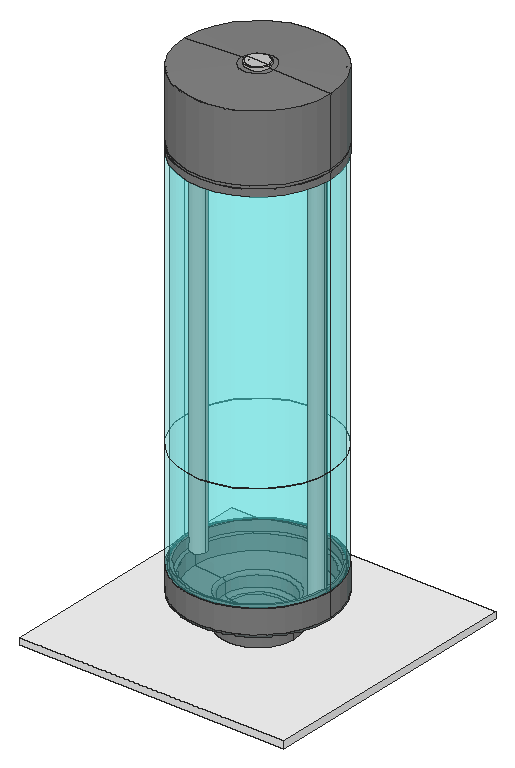
Revit family "BE_84102_de_DE", category Leuchten, Revit 2020
Family settings
  Basisbauteil = Fläche
  Bemaßung runder Anschluss = Durchmesser verwenden
  Teiletyp = Normal
  Beim Laden mit Abzugskörper schneiden = Ja
  Lichtquelle = Ja
  Gemeinsam genutzt = Nein
  Raumberechnungspunkt = Ja
Parameters (values of type "BEGA_84102_Grafit_K3")
  built-in parameter 1150104 = 17.679 (stored number, unit not read)
  Wattage = 46.8 W
  Default Elevation = 0 mm
  built-in parameter 1150113 = 1 (stored number, unit not read)
  built-in parameter 1114218 = 1 (stored number, unit not read)
  Umgebungstemperatur = "25 °C"
  URL = "https://www.bega.com/de/produkt/84102"
  Typenkommentare = "© 2022 BEGA. Wir behalten uns das Recht vor, technische Änderungen ohne vorherige Ankündigung vorzunehmen."  # constant formula
  Type Image = 84102.png
  built-in parameter 1150134 = (empty or 0)
  built-in parameter 1150109 = 1 (stored number, unit not read)
  Strom = ""
  built-in parameter 1150110 = 1 (stored number, unit not read)
  Spannung = 239.996 V
  Sonderanfertigung = no
  Seriennummer [instance] = "Hier können Sie die eindeutige Seriennummer für das Facility Management eintragen."
  Schutzklasse = "I"
  Schutzart = "IP 65"
  Scheinlast = 0 VA
  Produktdatenblatt = "https://cdn.bega.com/bega/products/84102K3/current/documents/data-sheets/de"
  Oberflächentemperatur = ""
  Neigungswinkel = 0.00°
  Modell = "84102K3"
  Material_17 = BEGA_Reflektor
  Material_15 = BEGA_Leuchtmedium_matt
  Material_12 = BEGA_Kunststoff_klar
  Material_11 = BEGA_Glas_opal
  Material_09 = BEGA_Glas_klar
  Material_06 = BEGA_Oberfläche_Edelstahl_gebürstet
  Material_03 = BEGA_Oberfläche_Weiss_matt
  Material_02 = BEGA_Oberfläche_Silber_matt
  Material_01 [instance] = BEGA_Oberfläche_Grafit_matt
  M_W = no
  M_G = yes
  M_A = no
  Logo = 0
  built-in parameter 1114217 = 1 (stored number, unit not read)
  built-in parameter 1150139 = (empty or 0)
  built-in parameter 1150105 = 708.72 (stored number, unit not read)
  built-in parameter 1150114 = 1 (stored number, unit not read)
  Lumens = 8906.04 lm
  built-in parameter 1150115 = 1 (stored number, unit not read)
  Leuchtenlichtstrom = "6217 lm"
  Leuchtenanzahl = ""
  Lebensdauerkriterien = "L70B50 @ 25 °C = 200000 h"
  Lastklassifizierung = Beleuchtung
  built-in parameter 1150112 = 1 (stored number, unit not read)
  Lampenlichtstrom = "8905 lm"
  Lampe = "LED 46.8 W"
  LED_Modulbezeichnung = "LED-0502/830"
  built-in parameter 1150142 = (empty or 0)
  Hersteller = "BEGA"  # constant formula
  Halbstreuwinkel = ""
  Gewicht = "9.9 kg"
  Gebrauchslageneinschränkung [instance] = ""
  Frequenz = "0/50-60 Hz"
  Farbwiedergabeindex = "CRI > 80"
  Farbtemperaturverschiebung bei Dämpfen der Lampe = <Keine Auswahl>
  Farbtemperatur = "3000 K"
  Color Filter = 16777215
  built-in parameter 1150133 = 10 (stored number, unit not read)
  Energieeffizienzklasse = "LED A++ - A"
  built-in parameter 1150137 = (empty or 0)
  built-in parameter 1150132 = (empty or 0)
  ENEC = "ja"
  Dimmbar [instance] = "DALI"
  Datei für fotometrisches Netz = "BE_84102K3.IES"
  CE_Konformität = "ja"
  Bestellnummer = "84102K3"
  Beschreibung_Sonderanfertigung = "Hier können Sie Informationen zur Sonderanfertigung eintragen."
  Beschreibung = "Aufsatzleuchte"
  built-in parameter 1150106 = 7.0872 (stored number, unit not read)
  Befestigungsbohrung = ""
  Befestigungsabstand = ""
  Ballwurfsicher = ""
  BEGA_Intern_aus = yes
  BEGA_Intern_an = yes
  BEGA_Intern_Konstruktion = yes
  BEGA_Intern = yes
  BEGA_IES = yes
  BEGA_Dummy = no
  Anschlussleitung = "7.0 m X05BQ-F 5 G 1 mm²"
  Anschlussleistung [instance] = "52 W"
  built-in parameter 1150107 = 3000 (stored number, unit not read)
  built-in parameter 1150102 = (empty or 0)
  built-in parameter 1150138 = (empty or 0)
  Aktualisierung = "2022-05-19T04:00:07"
  Abstand_zur_angestrahlten_Fläche [instance] = ""
  AC/DC = "AC/DC"
Types (4, lengths in mm): name | built-in parameter 1150104 | built-in parameter 1150134 | Modell | M_G | M_A | built-in parameter 1150105 | Lumens | Leuchtenlichtstrom | Lampenlichtstrom | LED_Modulbezeichnung | Farbtemperatur | Datei für fotometrisches Netz | Bestellnummer | built-in parameter 1150106 | built-in parameter 1150107
  BEGA_84102_Grafit_K3 | 17.679 (stored number, unit not read) | (empty or 0) | "84102K3" | yes | no | 708.72 (stored number, unit not read) | 8906.04 lm | "6217 lm" | "8905 lm" | "LED-0502/830" | "3000 K" | "BE_84102K3.IES" | "84102K3" | 7.0872 (stored number, unit not read) | 3000 (stored number, unit not read)
  BEGA_84102_Grafit_K4 | 18.181 (stored number, unit not read) | 12 | "84102K4" | yes | no | 728.83 (stored number, unit not read) | 9158.76 lm | "6396 lm" | "9160 lm" | "LED-0502/840" | "4000 K" | "BE_84102K4.IES" | "84102K4" | 7.2883 (stored number, unit not read) | 4000 (stored number, unit not read)
  BEGA_84102_Silber_K4 | 18.181 (stored number, unit not read) | 12 | "84102AK4" | no | yes | 728.83 (stored number, unit not read) | 9158.76 lm | "6396 lm" | "9160 lm" | "LED-0502/840" | "4000 K" | "BE_84102K4.IES" | "84102AK4" | 7.2883 (stored number, unit not read) | 4000 (stored number, unit not read)
  BEGA_84102_Silber_K3 | 17.679 (stored number, unit not read) | (empty or 0) | "84102AK3" | no | yes | 708.72 (stored number, unit not read) | 8906.04 lm | "6217 lm" | "8905 lm" | "LED-0502/830" | "3000 K" | "BE_84102K3.IES" | "84102AK3" | 7.0872 (stored number, unit not read) | 3000 (stored number, unit not read)
Reference planes
  plane 1 "Mitte (Vorne/Hinten)": y = 0
  plane 2: z = 0
  plane 3 "Mitte (Links/Rechts)": x = 0
  plane 4 "Links": x = -110
  plane 5 "Rechts": x = 110
  plane 6 "Unten": y = -110
  plane 7 "Oben": y = 110
  plane 8 "Vorne": z = 766
  plane 9 "Hinten": z = -110
Forms (mm)
  Extrusion 1, solid, material "BEGA_Platte_Weiss"
    sketch origin (0, -1119.2, 0) x (1, 0, 0) y (0, 1, 0)
      loop
        line (-200, 1319.2) -> (-200, 919.2) -> (200, 919.2) -> (200, 1319.2) -> (-200, 1319.2)
    from 0 to -10
  Extrusion 2, solid, material "BEGA_Dummy_matt", visible <- "BEGA_Dummy"
    sketch origin (77.149, -76.023, 0) x (1, 0, 0) y (0, 1, 0)
      loop
        circle (-77.149, 76.023) r 110
    from -110 to 766
Dimensions and locks
  plane 1 "Mitte (Vorne/Hinten)" to Extrusion 1 = 200 mm
  aligned and locked: plane 2 to Extrusion 1
  aligned and locked: level to Extrusion 1
Nested families
  nested 1: "BE_84102" at (0, 0, 0), type "BE_84102"
Connectors
  electrical at (0, 0, 0), driven by "Lastklassifizierung", driven by "Spannung", driven by "Scheinlast"
    settings: index 1, voltage 239.996 V, apparent load 0 VA, apparent load phase1 0 VA, apparent load phase2 0 VA, apparent load phase3 0 VA, power factor 1, load classification "Beleuchtung", number of poles 1, system type 31, power factor state 1, is connector primary yes, connector utility no, sub classification motor no, connector description ""
Definition of nested family "BE_84102"
  Parameters (values of type "BE_84102")
    Default Elevation = 1 mm
    URL = "http://www.bega.de/de/produkt"
    Type Comments = "© 2015 BEGA. Wir behalten uns das Recht vor, technische Änderungen ohne vorherige Ankündigung vorzunehmen. "  # constant formula
    Type Image = (empty or 0)
    Neigungswinkel_um_Z2 = 0.00°
    Neigungswinkel_um_Z1 = 0.00°
    Neigungswinkel_um_Y2 = 0.00°
    Neigungswinkel_um_Y1 = 0.00°
    Neigungswinkel_um_X2 = 0.00°
    Neigungswinkel_um_X1 = 0.00°
    Material_17 = none
    Material_15 = none
    Material_12 = none
    Material_11 = none
    Material_09 = none
    Material_06 = none
    Material_02 = none
    Material_01 = none
    M_W = yes
    M_G = yes
    M_A = yes
    Länge_Platte = 200 mm  # constant formula
    Höhe_Platte = -10 mm  # constant formula
    Manufacturer = "BEGA"  # constant formula
    Drehwinkel_um_Z2 = 0.00°
    Drehwinkel_um_Z1 = 0.00°
    Breite_Platte = 200 mm  # constant formula
  Reference planes
    plane 1 "Mitte (Oben/Unten)": y = 0
    plane 2: z = 0
    plane 3 "Mitte (Links/Rechts)": x = 0
    plane 4 "Vorne": z = 200
    plane 5 "Rechts": x = 110
    plane 6 "Oben": y = 110
    plane 7 "Unten": y = -110
    plane 8: z = 766
    plane 9: z = -110
    plane 10: x = -110
  Forms (mm)
    Extrusion 1, solid, detail levels medium
      sketch origin (0, 0, 0) x (1, 0, 0) y (0, 1, 0)
        loop
          line (-100, 100) -> (-100, -100) -> (100, -100) -> (100, 100) -> (-100, 100)
      from 0 to -10 <- "Höhe_Platte"
    Revolve 2, solid, material <- "Material_01", visible <- "M_G"
      sketch origin (0, 0, 0) x (1, 0, 0) y (0, 0, 1)
        loop
          line (-55, -110) -> (-40.094, -110) -> (-38.75, 0) -> (-33, 0) -> (-32.511, 14) -> (-12.105, 14) -> (-12, 11) -> (0, 11) -> (0, 19) -> (-40.719, 19) -> (-44.656, 19)
          arc (-44.656, 19) -> (-48.107, 20.382) -> (-49.651, 23.763) r 5
          line (-49.651, 23.763) -> (-49.921, 39.268)
          arc (-49.921, 39.268) -> (-51.264, 42.591) -> (-54.485, 44.162) r 5
          line (-54.485, 44.162) -> (-95.122, 47.717) -> (-95.4, 70.5) -> (-101.5, 70.5) -> (-101.753, 85) -> (-104.5, 85) -> (-104.5, 76.5) -> (-108.25, 76.5) -> (-108.25, 83) -> (-110, 83) -> (-110, 47.657)
          arc (-110, 47.657) -> (-108.946, 44.96) -> (-106.349, 43.681) r 4
          line (-106.349, 43.681) -> (-58.651, 39.508)
          arc (-58.651, 39.508) -> (-56.054, 38.228) -> (-55, 35.531) r 4
          line (-55, 35.531) -> (-55, -110)
        axis (0, -110) -> (0, 85)
      angle from 0 to 360
    Revolve 3, solid, material <- "Material_12"
      sketch origin (0, 0, 0) x (1, 0, 0) y (0, 0, 1)
        loop
          line (-110, 245.248) -> (-110, 83) -> (-107.5, 83) -> (-107.5, 78.549) -> (-105, 78.549) -> (-105, 648.755) -> (-107.5, 648.755) -> (-107.5, 642.636) -> (-110, 642.636) -> (-110, 245.248)
        axis (0, 648.755) -> (0, 78.549)
      angle from 0 to 360
    Revolve 4, solid, material <- "Material_01", visible <- "M_G"
      sketch origin (0, 0, 144.898) x (1, 0, 0) y (0, 0, 1)
        loop
          line (-109, 507.739) -> (-110, 507.739) -> (-110, 497.739) -> (-108.25, 497.739) -> (-108.25, 504.239) -> (-104.45, 504.239) -> (-104.45, 495.239) -> (-99.017, 495.239) -> (-97.568, 536.739) -> (-16.755, 536.739) -> (-10.319, 573.239) -> (0, 573.239) -> (0, 586.739) -> (-12, 586.739) -> (-19.758, 542.739) -> (-98.284, 542.739) -> (-100.64, 542.739)
          arc (-100.64, 542.739) -> (-102.686, 541.933) -> (-103.632, 539.948) r 3
          line (-103.632, 539.948) -> (-104.5, 527.54) -> (-104.5, 512.739) -> (-109, 512.739) -> (-109, 507.739)
        axis (0, 495.239) -> (0, 586.739)
      angle from 0 to 360
    Revolve 5, solid, material <- "Material_01", visible <- "M_G"
      sketch origin (0, 0, 144.898) x (1, 0, 0) y (0, 0, 1)
        loop
          line (-110, 613.434) -> (-110, 512.739) -> (-108.6, 512.739) -> (-105, 516.339) -> (-105, 609.606) -> (-24.93, 612.402) -> (-13.002, 612.402)
          arc (-13.002, 612.402) -> (-9.467, 613.867) -> (-8.002, 617.402) r 5
          line (-8.002, 617.402) -> (-8, 618.402) -> (-10, 618.402) -> (-10, 616.402) -> (-25, 616.402) -> (-110, 613.434)
        axis (0, 512.739) -> (0, 618.402)
      angle from 0 to 360
    Revolve 6, solid, material <- "Material_06"
      sketch origin (0, 0, 144.898) x (1, 0, 0) y (0, 0, 1)
        loop
          line (0, 621.102) -> (-16.5, 621.102) -> (-17.5, 620.102) -> (-17.5, 616.602) -> (-11, 616.602) -> (-11, 619.302) -> (-7.5, 619.302) -> (-7.5, 592.902) -> (0, 592.902) -> (0, 621.102)
        axis (0, 621.102) -> (0, 592.902)
      angle from 0 to 360
    Revolve 7, solid, material <- "Material_17"
      sketch origin (0, 0, 0) x (1, 0, 0) y (0, 0, 1)
        loop
          line (-80.782, 672.637) -> (-81, 677.636) -> (-81.999, 677.593) -> (-81.78, 672.572)
          arc (-81.78, 672.572) -> (-78.254, 657.27) -> (-70.619, 643.549) r 56
          arc (-70.619, 643.549) -> (-70.439, 641.645) -> (-72.063, 640.636) r 1.816
          line (-72.063, 640.636) -> (-83, 640.636) -> (-83, 639.636) -> (-72.062, 639.636)
          arc (-72.062, 639.636) -> (-69.543, 641.201) -> (-69.822, 644.153) r 2.816
          arc (-69.822, 644.153) -> (-77.317, 657.619) -> (-80.782, 672.637) r 55
        axis (0, 639.636) -> (0, 677.636)
      angle from 0 to 360
    Revolve 8, solid, material <- "Material_15"
      sketch origin (0, 0, 0) x (1, 0, 0) y (0, 0, 1)
        loop
          line (-72.75, 679.836) -> (-72.75, 679.043) -> (-67.318, 679.043) -> (-67.318, 679.836) -> (-72.75, 679.836)
        axis (0, 679.043) -> (0, 680.043)
      angle from -12 to 204
    Extrusion 9, solid, material <- "Material_06"
      sketch origin (0, 0, 0) x (1, 0, 0) y (0, 1, 0)
        loop
          circle (-90, 0) r 11.038
        loop
          circle (90, 0) r 11.038
      from 70.5 to 639.636
    Revolve 10, solid, material <- "Material_02", visible <- "M_A"
      sketch origin (0, 0, 0) x (1, 0, 0) y (0, 0, 1)
        loop
          line (-55, -110) -> (-40.094, -110) -> (-38.75, 0) -> (-33, 0) -> (-32.511, 14) -> (-12.105, 14) -> (-12, 11) -> (0, 11) -> (0, 19) -> (-40.719, 19) -> (-44.656, 19)
          arc (-44.656, 19) -> (-48.107, 20.382) -> (-49.651, 23.763) r 5
          line (-49.651, 23.763) -> (-49.921, 39.268)
          arc (-49.921, 39.268) -> (-51.264, 42.591) -> (-54.485, 44.162) r 5
          line (-54.485, 44.162) -> (-95.122, 47.717) -> (-95.4, 70.5) -> (-101.5, 70.5) -> (-101.753, 85) -> (-104.5, 85) -> (-104.5, 76.5) -> (-108.25, 76.5) -> (-108.25, 83) -> (-110, 83) -> (-110, 47.657)
          arc (-110, 47.657) -> (-108.946, 44.96) -> (-106.349, 43.681) r 4
          line (-106.349, 43.681) -> (-58.651, 39.508)
          arc (-58.651, 39.508) -> (-56.054, 38.228) -> (-55, 35.531) r 4
          line (-55, 35.531) -> (-55, -110)
        axis (0, -110) -> (0, 85)
      angle from 0 to 360
    Revolve 11, solid, material <- "Material_02", visible <- "M_A"
      sketch origin (0, 0, 144.898) x (1, 0, 0) y (0, 0, 1)
        loop
          line (-109, 507.739) -> (-110, 507.739) -> (-110, 497.739) -> (-108.25, 497.739) -> (-108.25, 504.239) -> (-104.45, 504.239) -> (-104.45, 495.239) -> (-99.017, 495.239) -> (-97.568, 536.739) -> (-16.755, 536.739) -> (-10.319, 573.239) -> (0, 573.239) -> (0, 586.739) -> (-12, 586.739) -> (-19.758, 542.739) -> (-98.284, 542.739) -> (-100.64, 542.739)
          arc (-100.64, 542.739) -> (-102.686, 541.933) -> (-103.632, 539.948) r 3
          line (-103.632, 539.948) -> (-104.5, 527.54) -> (-104.5, 512.739) -> (-109, 512.739) -> (-109, 507.739)
        axis (0, 495.239) -> (0, 586.739)
      angle from 0 to 360
    Revolve 12, solid, material <- "Material_02", visible <- "M_A"
      sketch origin (0, 0, 144.898) x (1, 0, 0) y (0, 0, 1)
        loop
          line (-110, 613.434) -> (-110, 512.739) -> (-108.6, 512.739) -> (-105, 516.339) -> (-105, 609.606) -> (-24.93, 612.402) -> (-13.002, 612.402)
          arc (-13.002, 612.402) -> (-9.467, 613.867) -> (-8.002, 617.402) r 5
          line (-8.002, 617.402) -> (-8, 618.402) -> (-10, 618.402) -> (-10, 616.402) -> (-25, 616.402) -> (-110, 613.434)
        axis (0, 512.739) -> (0, 618.402)
      angle from 0 to 360
    Extrusion 13, void
      sketch origin (-0.012, 0.024, 0) x (1, 0.00048, 0) y (0, 0, 1)
        loop
          circle (0, -30) r 4.2
        loop
          circle (0, -90) r 4.2
      from 29.895 to 64.479
    Extrusion 14, void
      sketch origin (0.014, -0.015, 0) x (-0.499584, -0.866266, 0) y (0, 0, 1)
        loop
          circle (0, -30) r 4.2
        loop
          circle (0, -90) r 4.2
      from 29.895 to 64.479
    Extrusion 15, void
      sketch origin (-0.038, -0.015, 0) x (-0.500416, 0.865785, 0) y (0, 0, 1)
        loop
          circle (0, -30) r 4.2
        loop
          circle (0, -90) r 4.2
      from 29.895 to 64.479
  Cuts and joins
    Extrusion 13, Extrusion 14, Extrusion 15 cuts Revolve 2
    Extrusion 13, Extrusion 14, Extrusion 15 cuts Revolve 10
  Dimensions and locks
    equal spacing: Extrusion 1 sketch curve, plane 3 "Mitte (Links/Rechts)", Extrusion 1 sketch curve
    equal spacing: Extrusion 1 sketch curve, plane 1 "Mitte (Oben/Unten)", Extrusion 1 sketch curve
    "Länge_Platte": Extrusion 1 sketch curve to Extrusion 1 sketch curve
    "Breite_Platte": Extrusion 1 sketch curve to Extrusion 1 sketch curve
    aligned and locked: plane 2 to Extrusion 1
    aligned and locked: level to Extrusion 1
  Automatic sketch dimensions
    Revolve 2 sketch curve to level = 0 mm
    Revolve 2 sketch curve to plane 3 "Mitte (Links/Rechts)" = 0 mm  (x2)
    Revolve 2 sketch curve to plane 3 "Mitte (Links/Rechts)" = 12 mm
    Revolve 2 sketch curve to Revolve 2 sketch curve = 0.105 mm
    Revolve 2 sketch curve to Revolve 2 sketch curve = 20.406 mm
    Revolve 2 sketch curve to Revolve 2 sketch curve = 0.489 mm
    Revolve 2 sketch curve to Revolve 2 sketch curve = 5.75 mm
    Revolve 2 sketch curve to plane 3 "Mitte (Links/Rechts)" = 40.094 mm
    Revolve 2 sketch curve to Revolve 2 sketch curve = 12.145 mm
    level to Revolve 2 sketch curve = 23.763 mm
    Revolve 2 sketch curve to Revolve 2 sketch curve = 4.994 mm
    Revolve 2 sketch curve to Revolve 2 sketch curve = 5.27 mm
    Revolve 2 sketch curve to Revolve 2 sketch curve = 0.079 mm
    Revolve 2 sketch curve to Revolve 2 sketch curve = 4 mm  (x2)
    Revolve 2 sketch curve to Revolve 2 sketch curve = 36.122 mm
    Revolve 2 sketch curve to Revolve 2 sketch curve = 0.278 mm
    Revolve 2 sketch curve to Revolve 2 sketch curve = 6.1 mm
    Revolve 2 sketch curve to Revolve 2 sketch curve = 0.253 mm
    Revolve 2 sketch curve to Revolve 2 sketch curve = 3 mm  (x2)
    Revolve 2 sketch curve to Revolve 2 sketch curve = 10.878 mm
    Revolve 2 sketch curve to Revolve 2 sketch curve = 3.75 mm
    level to Revolve 2 sketch curve = 11 mm
    Revolve 2 sketch curve to Revolve 2 sketch curve = 4.763 mm
    Revolve 2 sketch curve to Revolve 2 sketch curve = 8 mm
    Revolve 2 sketch curve to Revolve 2 sketch curve = 11.76 mm
    Revolve 2 sketch curve to Revolve 2 sketch curve = 0.008 mm  (x2)
    Revolve 2 sketch curve to Revolve 2 sketch curve = 3.65 mm
    level to Revolve 2 sketch curve = 47.657 mm
    Revolve 2 sketch curve to Revolve 2 sketch curve = 0.052 mm
    Revolve 2 sketch curve to Revolve 2 sketch curve = 22.783 mm
    Revolve 2 sketch curve to Revolve 2 sketch curve = 6 mm
    Revolve 2 sketch curve to Revolve 2 sketch curve = 6.5 mm
    Revolve 2 sketch curve to Revolve 2 sketch curve = 2 mm
    Revolve 2 sketch curve to Revolve 2 sketch curve = 3.937 mm
    Revolve 2 sketch curve to Revolve 2 sketch curve = 0 mm  (x8)
    Revolve 2 sketch curve to Revolve 2 sketch curve = 4.999 mm
    Revolve 2 sketch curve to Revolve 2 sketch curve = 0.436 mm
    Revolve 2 sketch curve to Revolve 2 sketch curve = 3.731 mm
    Revolve 2 sketch curve to Revolve 2 sketch curve = 0.349 mm
    level to Revolve 2 sketch curve = 43.681 mm
    Revolve 2 sketch curve to Revolve 2 sketch curve = 0.087 mm
    Revolve 2 sketch curve to Revolve 2 sketch curve = 50 mm
    Revolve 2 sketch curve to Revolve 2 sketch curve = 7.5 mm
    Revolve 3 sketch curve to plane 3 "Mitte (Links/Rechts)" = 0 mm
    Revolve 3 sketch curve to Revolve 3 sketch curve = 2.5 mm  (x2)
    level to Revolve 3 sketch curve = 78.549 mm
    Revolve 3 sketch curve to Revolve 3 sketch curve = 4.451 mm
    plane 4 "Vorne" to Revolve 3 sketch curve = 45.248 mm
    Revolve 3 sketch curve to Revolve 3 sketch curve = 397.388 mm
    Revolve 3 sketch curve to Revolve 3 sketch curve = 6.119 mm
    Revolve 3 sketch curve to Revolve 3 sketch curve = 214.414 mm
    Revolve 3 sketch curve to Revolve 3 sketch curve = 35 mm
    Revolve 4 sketch curve to plane 3 "Mitte (Links/Rechts)" = 0 mm  (x2)
    Revolve 4 sketch curve to Revolve 4 sketch curve = 10.319 mm
    Revolve 4 sketch curve to Revolve 4 sketch curve = 12 mm
    Revolve 4 sketch curve to plane 3 "Mitte (Links/Rechts)" = 16.755 mm
    Revolve 4 sketch curve to Revolve 4 sketch curve = 3.004 mm
    Revolve 4 sketch curve to Revolve 4 sketch curve = 77.81 mm
    Revolve 4 sketch curve to Revolve 4 sketch curve = 0.716 mm
    Revolve 4 sketch curve to Revolve 4 sketch curve = 1.449 mm
    Revolve 4 sketch curve to Revolve 4 sketch curve = 2.355 mm  (x2)
    Revolve 4 sketch curve to Revolve 4 sketch curve = 2.993 mm
    Revolve 4 sketch curve to Revolve 4 sketch curve = 5.433 mm
    Revolve 4 sketch curve to Revolve 4 sketch curve = 6.932 mm
    Revolve 4 sketch curve to Revolve 4 sketch curve = 3.8 mm
    Revolve 4 sketch curve to Revolve 4 sketch curve = 4.5 mm
    Revolve 4 sketch curve to Revolve 4 sketch curve = 1.75 mm
    plane 4 "Vorne" to Revolve 4 sketch curve = 440.136 mm
    Revolve 4 sketch curve to Revolve 4 sketch curve = 2.5 mm
    Revolve 4 sketch curve to Revolve 4 sketch curve = 6.5 mm
    Revolve 4 sketch curve to Revolve 4 sketch curve = 3.5 mm
    Revolve 4 sketch curve to Revolve 4 sketch curve = 5 mm
    Revolve 4 sketch curve to Revolve 4 sketch curve = 14.801 mm
    Revolve 4 sketch curve to Revolve 4 sketch curve = 9.199 mm
    Revolve 4 sketch curve to Revolve 4 sketch curve = 3 mm
    Revolve 4 sketch curve to Revolve 4 sketch curve = 0.209 mm
    Revolve 4 sketch curve to Revolve 4 sketch curve = 0 mm  (x2)
    Revolve 4 sketch curve to Revolve 4 sketch curve = 30.5 mm
    Revolve 4 sketch curve to Revolve 4 sketch curve = 13.5 mm
    Revolve 4 sketch curve to Revolve 4 sketch curve = 20.5 mm
    Revolve 4 sketch curve to Revolve 4 sketch curve = 10 mm
    Revolve 5 sketch curve to plane 3 "Mitte (Links/Rechts)" = 0 mm
    Revolve 5 sketch curve to plane 3 "Mitte (Links/Rechts)" = 8 mm
    Revolve 5 sketch curve to Revolve 5 sketch curve = 2 mm  (x2)
    Revolve 5 sketch curve to Revolve 5 sketch curve = 3.002 mm
    Revolve 5 sketch curve to Revolve 5 sketch curve = 11.928 mm
    Revolve 5 sketch curve to Revolve 5 sketch curve = 0.07 mm
    Revolve 5 sketch curve to Revolve 5 sketch curve = 3.6 mm  (x2)
    Revolve 5 sketch curve to Revolve 5 sketch curve = 5 mm  (x2)
    plane 4 "Vorne" to Revolve 5 sketch curve = 457.636 mm
    Revolve 5 sketch curve to Revolve 5 sketch curve = 93.267 mm
    Revolve 5 sketch curve to Revolve 5 sketch curve = 2.796 mm
    Revolve 5 sketch curve to Revolve 5 sketch curve = 3.828 mm
    Revolve 5 sketch curve to Revolve 5 sketch curve = 4 mm
    Revolve 5 sketch curve to Revolve 5 sketch curve = 1 mm  (x2)
    Revolve 5 sketch curve to Revolve 5 sketch curve = 8.6 mm
    Revolve 5 sketch curve to Revolve 5 sketch curve = 0 mm
    Revolve 6 sketch curve to Revolve 6 sketch curve = 1 mm  (x2)
    plane 4 "Vorne" to Revolve 6 sketch curve = 565 mm
    Revolve 6 sketch curve to Revolve 6 sketch curve = 6.5 mm
    Revolve 6 sketch curve to Revolve 6 sketch curve = 3.5 mm
    Revolve 6 sketch curve to Revolve 6 sketch curve = 2.7 mm
    Revolve 6 sketch curve to Revolve 6 sketch curve = 23.7 mm
    Revolve 6 sketch curve to plane 3 "Mitte (Links/Rechts)" = 0 mm
    Revolve 6 sketch curve to Revolve 6 sketch curve = 1.8 mm
    Revolve 6 sketch curve to Revolve 6 sketch curve = 7.5 mm
    Revolve 7 sketch curve to Revolve 7 sketch curve = 0 mm  (x6)
    Revolve 7 sketch curve to plane 3 "Mitte (Links/Rechts)" = 0 mm
    Revolve 7 sketch curve to plane 3 "Mitte (Links/Rechts)" = 25.986 mm
    Revolve 7 sketch curve to Revolve 7 sketch curve = 46.077 mm
    Revolve 7 sketch curve to Revolve 7 sketch curve = 0.001 mm
    Revolve 7 sketch curve to Revolve 7 sketch curve = 0.003 mm
    Revolve 7 sketch curve to Revolve 7 sketch curve = 8.716 mm
    Revolve 7 sketch curve to Revolve 7 sketch curve = 0.218 mm
    Revolve 7 sketch curve to Revolve 7 sketch curve = 0.998 mm
    Revolve 7 sketch curve to Revolve 7 sketch curve = 0.999 mm
    Revolve 7 sketch curve to Revolve 7 sketch curve = 10.937 mm
    Revolve 7 sketch curve to plane 8 = 126.364 mm
    Revolve 7 sketch curve to Revolve 7 sketch curve = 1 mm
    Revolve 7 sketch curve to Revolve 7 sketch curve = 1.816 mm
    Revolve 7 sketch curve to Revolve 7 sketch curve = 30.12 mm
    Revolve 7 sketch curve to Revolve 7 sketch curve = 0.065 mm
    Revolve 7 sketch curve to Revolve 7 sketch curve = 4.734 mm
    Revolve 7 sketch curve to Revolve 7 sketch curve = 5.021 mm
    Revolve 7 sketch curve to Revolve 7 sketch curve = 0.044 mm
    Revolve 7 sketch curve to Revolve 7 sketch curve = 2.244 mm
    Revolve 7 sketch curve to Revolve 7 sketch curve = 0.797 mm
    Revolve 7 sketch curve to Revolve 7 sketch curve = 19.442 mm
    Revolve 7 sketch curve to Revolve 7 sketch curve = 10 mm
    Revolve 8 sketch curve to plane 3 "Mitte (Links/Rechts)" = 0 mm
    Revolve 8 sketch curve to plane 3 "Mitte (Links/Rechts)" = 67.318 mm
    Revolve 8 sketch curve to Revolve 8 sketch curve = 5.432 mm
    Revolve 8 sketch curve to plane 8 = 86.957 mm
    Revolve 8 sketch curve to Revolve 8 sketch curve = 0.793 mm
    Revolve 8 sketch curve to Revolve 8 sketch curve = 13.046 mm
    Revolve 8 sketch curve to Revolve 8 sketch curve = 10 mm
    plane 1 "Mitte (Oben/Unten)" to Extrusion 9 sketch curve = 0 mm  (x2)
    Extrusion 9 sketch curve to plane 3 "Mitte (Links/Rechts)" = 90 mm
    plane 3 "Mitte (Links/Rechts)" to Extrusion 9 sketch curve = 90 mm
    Revolve 10 sketch curve to level = 0 mm
    Revolve 10 sketch curve to plane 3 "Mitte (Links/Rechts)" = 0 mm  (x2)
    Revolve 10 sketch curve to plane 3 "Mitte (Links/Rechts)" = 12 mm
    Revolve 10 sketch curve to Revolve 10 sketch curve = 0.105 mm
    Revolve 10 sketch curve to Revolve 10 sketch curve = 20.406 mm
    Revolve 10 sketch curve to Revolve 10 sketch curve = 0.489 mm
    Revolve 10 sketch curve to Revolve 10 sketch curve = 5.75 mm
    Revolve 10 sketch curve to plane 3 "Mitte (Links/Rechts)" = 40.094 mm
    Revolve 10 sketch curve to Revolve 10 sketch curve = 12.145 mm
    level to Revolve 10 sketch curve = 23.763 mm
    Revolve 10 sketch curve to Revolve 10 sketch curve = 4.994 mm
    Revolve 10 sketch curve to Revolve 10 sketch curve = 5.27 mm
    Revolve 10 sketch curve to Revolve 10 sketch curve = 0.079 mm
    Revolve 10 sketch curve to Revolve 10 sketch curve = 4 mm  (x2)
    Revolve 10 sketch curve to Revolve 10 sketch curve = 36.122 mm
    Revolve 10 sketch curve to Revolve 10 sketch curve = 0.278 mm
    Revolve 10 sketch curve to Revolve 10 sketch curve = 6.1 mm
    Revolve 10 sketch curve to Revolve 10 sketch curve = 0.253 mm
    Revolve 10 sketch curve to Revolve 10 sketch curve = 3 mm  (x2)
    Revolve 10 sketch curve to Revolve 10 sketch curve = 10.878 mm
    Revolve 10 sketch curve to Revolve 10 sketch curve = 3.75 mm
    level to Revolve 10 sketch curve = 11 mm
    Revolve 10 sketch curve to Revolve 10 sketch curve = 4.763 mm
    Revolve 10 sketch curve to Revolve 10 sketch curve = 8 mm
    Revolve 10 sketch curve to Revolve 10 sketch curve = 11.76 mm
    Revolve 10 sketch curve to Revolve 10 sketch curve = 0.008 mm  (x2)
    Revolve 10 sketch curve to Revolve 10 sketch curve = 3.65 mm
    level to Revolve 10 sketch curve = 47.657 mm
    Revolve 10 sketch curve to Revolve 10 sketch curve = 0.052 mm
    Revolve 10 sketch curve to Revolve 10 sketch curve = 22.783 mm
    Revolve 10 sketch curve to Revolve 10 sketch curve = 6 mm
    Revolve 10 sketch curve to Revolve 10 sketch curve = 6.5 mm
    Revolve 10 sketch curve to Revolve 10 sketch curve = 2 mm
    Revolve 10 sketch curve to Revolve 10 sketch curve = 3.937 mm
    Revolve 10 sketch curve to Revolve 10 sketch curve = 0 mm  (x8)
    Revolve 10 sketch curve to Revolve 10 sketch curve = 4.999 mm
    Revolve 10 sketch curve to Revolve 10 sketch curve = 0.436 mm
    Revolve 10 sketch curve to Revolve 10 sketch curve = 3.731 mm
    Revolve 10 sketch curve to Revolve 10 sketch curve = 0.349 mm
    level to Revolve 10 sketch curve = 43.681 mm
    Revolve 10 sketch curve to Revolve 10 sketch curve = 0.087 mm
    Revolve 10 sketch curve to Revolve 10 sketch curve = 50 mm
    Revolve 10 sketch curve to Revolve 10 sketch curve = 7.5 mm
    Revolve 11 sketch curve to plane 3 "Mitte (Links/Rechts)" = 0 mm  (x2)
    Revolve 11 sketch curve to Revolve 11 sketch curve = 10.319 mm
    Revolve 11 sketch curve to Revolve 11 sketch curve = 12 mm
    Revolve 11 sketch curve to plane 3 "Mitte (Links/Rechts)" = 16.755 mm
    Revolve 11 sketch curve to Revolve 11 sketch curve = 3.004 mm
    Revolve 11 sketch curve to Revolve 11 sketch curve = 77.81 mm
    Revolve 11 sketch curve to Revolve 11 sketch curve = 0.716 mm
    Revolve 11 sketch curve to Revolve 11 sketch curve = 1.449 mm
    Revolve 11 sketch curve to Revolve 11 sketch curve = 2.355 mm  (x2)
    Revolve 11 sketch curve to Revolve 11 sketch curve = 2.993 mm
    Revolve 11 sketch curve to Revolve 11 sketch curve = 5.433 mm
    Revolve 11 sketch curve to Revolve 11 sketch curve = 6.932 mm
    Revolve 11 sketch curve to Revolve 11 sketch curve = 3.8 mm
    Revolve 11 sketch curve to Revolve 11 sketch curve = 4.5 mm
    Revolve 11 sketch curve to Revolve 11 sketch curve = 1.75 mm
    Revolve 11 sketch curve to plane 8 = 125.864 mm
    Revolve 11 sketch curve to Revolve 11 sketch curve = 2.5 mm
    Revolve 11 sketch curve to Revolve 11 sketch curve = 6.5 mm
    Revolve 11 sketch curve to Revolve 11 sketch curve = 3.5 mm
    Revolve 11 sketch curve to Revolve 11 sketch curve = 5 mm
    Revolve 11 sketch curve to Revolve 11 sketch curve = 14.801 mm
    Revolve 11 sketch curve to Revolve 11 sketch curve = 9.199 mm
    Revolve 11 sketch curve to Revolve 11 sketch curve = 3 mm
    Revolve 11 sketch curve to Revolve 11 sketch curve = 0.209 mm
    Revolve 11 sketch curve to Revolve 11 sketch curve = 0 mm  (x2)
    Revolve 11 sketch curve to Revolve 11 sketch curve = 30.5 mm
    Revolve 11 sketch curve to Revolve 11 sketch curve = 13.5 mm
    Revolve 11 sketch curve to Revolve 11 sketch curve = 20.5 mm
    Revolve 11 sketch curve to Revolve 11 sketch curve = 10 mm
    Revolve 12 sketch curve to plane 3 "Mitte (Links/Rechts)" = 0 mm
    Revolve 12 sketch curve to plane 8 = 2.7 mm
    Revolve 12 sketch curve to plane 3 "Mitte (Links/Rechts)" = 8 mm
    Revolve 12 sketch curve to Revolve 12 sketch curve = 2 mm
    Revolve 12 sketch curve to Revolve 12 sketch curve = 3.002 mm
    Revolve 12 sketch curve to plane 8 = 8.7 mm
    Revolve 12 sketch curve to Revolve 12 sketch curve = 11.928 mm
    Revolve 12 sketch curve to plane 8 = 4.7 mm
    Revolve 12 sketch curve to Revolve 12 sketch curve = 0.07 mm
    Revolve 12 sketch curve to Revolve 12 sketch curve = 3.6 mm  (x2)
    Revolve 12 sketch curve to Revolve 12 sketch curve = 5 mm  (x2)
    Revolve 12 sketch curve to plane 8 = 11.496 mm
    Revolve 12 sketch curve to Revolve 12 sketch curve = 93.267 mm
    Revolve 12 sketch curve to Revolve 12 sketch curve = 3.828 mm
    Revolve 12 sketch curve to Revolve 12 sketch curve = 1 mm  (x2)
    Revolve 12 sketch curve to Revolve 12 sketch curve = 99.664 mm
    Revolve 12 sketch curve to Revolve 12 sketch curve = 0 mm
    Extrusion 13 sketch curve to Extrusion 13 sketch curve = 0 mm
    Extrusion 13 sketch curve to Extrusion 13 sketch curve = 60 mm
    Extrusion 14 sketch curve to Extrusion 14 sketch curve = 0 mm
    Extrusion 14 sketch curve to Extrusion 14 sketch curve = 60 mm
    Extrusion 15 sketch curve to Extrusion 15 sketch curve = 0 mm
    Extrusion 15 sketch curve to Extrusion 15 sketch curve = 60 mm
    Revolve 3 sketch curve to plane 3 "Mitte (Links/Rechts)" = 105 mm
    Revolve 3 sketch curve to plane 3 "Mitte (Links/Rechts)" = 110 mm
    Revolve 5 sketch curve to plane 3 "Mitte (Links/Rechts)" = 105 mm
    Revolve 12 sketch curve to plane 3 "Mitte (Links/Rechts)" = 105 mm
    Revolve 2 sketch curve to level = 110 mm
    Revolve 10 sketch curve to level = 110 mm
    radius of Extrusion 9 sketch curve = 11.038 mm  (x2)
    radius of Extrusion 13 sketch curve = 4.2 mm  (x2)
    radius of Extrusion 14 sketch curve = 4.2 mm  (x2)
    radius of Extrusion 15 sketch curve = 4.2 mm  (x2)
